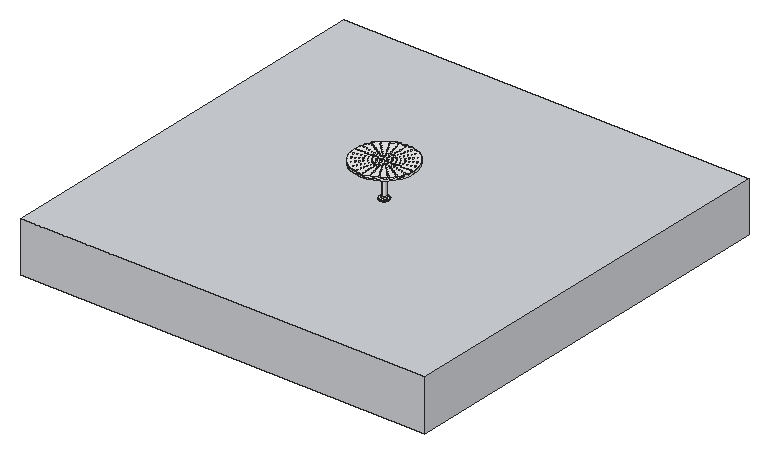
Revit family (continued)
Definition of nested family "13691_Base"
  Automatic sketch dimensions
    curve 248 to curve 249 = 0' - 0.46704"
    curve 79 to curve 81 = 0' - 0.46704"
    curve 268 to curve 268 = 0' - 0.03371"
    curve 100 to curve 100 = 0' - 0.03371"
    curve 248 to curve 247 = 0' - 0.04146"
    curve 80 to curve 79 = 0' - 0.04146"
    curve 39 to curve 41 = 0' - 0.63799"
    curve 223 to curve 225 = 0' - 0.63799"
    curve 40 to curve 39 = 0' - 0.05664"
    curve 223 to curve 223 = 0' - 0.05664"
    curve 56 to curve 57 = 0' - 0.6605"
    curve 269 to curve 268 = 0' - 0.33034"
    curve 102 to curve 100 = 0' - 0.33034"
    curve 56 to curve 55 = 0' - 0.05864"
    curve 102 to curve 101 = 0' - 0.03371"
    curve 269 to curve 269 = 0' - 0.03371"
    curve 78 to curve 79 = 0' - 0.46704"
    curve 246 to curve 247 = 0' - 0.46704"
    curve 78 to curve 77 = 0' - 0.04146"
    curve 233 to curve 232 = 0' - 0.57219"
    curve 66 to curve 64 = 0' - 0.57219"
    curve 65 to curve 66 = 0' - 0.05069"
    curve 233 to curve 233 = 0' - 0.05069"
    curve 38 to curve 39 = 0' - 0.63799"
    curve 221 to curve 223 = 0' - 0.63799"
    curve 38 to curve 37 = 0' - 0.05664"
    curve 222 to curve 221 = 0' - 0.05664"
    curve 76 to curve 77 = 0' - 0.46704"
    curve 54 to curve 55 = 0' - 0.6605"
    curve 243 to curve 243 = 0' - 0.04146"
    curve 76 to curve 75 = 0' - 0.04146"
    curve 54 to curve 53 = 0' - 0.05864"
    curve 67 to curve 65 = 0' - 0.57219"
    curve 235 to curve 234 = 0' - 0.57219"
    curve 236 to curve 235 = 0' - 0.05069"
    curve 67 to curve 67 = 0' - 0.05069"
    curve 74 to curve 75 = 0' - 0.46704"
    curve 241 to curve 243 = 0' - 0.46704"
    curve 220 to curve 221 = 0' - 0.63799"
    curve 35 to curve 37 = 0' - 0.63799"
    curve 35 to curve 35 = 0' - 0.05664"
    curve 220 to curve 219 = 0' - 0.05664"
    curve 52 to curve 53 = 0' - 0.6605"
    curve 70 to curve 67 = 0' - 0.57219"
    curve 237 to curve 235 = 0' - 0.57219"
    curve 51 to curve 51 = 0' - 0.05864"
    curve 237 to curve 238 = 0' - 0.05069"
    curve 70 to curve 70 = 0' - 0.05069"
    curve 217 to curve 219 = 0' - 0.63799"
    curve 33 to curve 35 = 0' - 0.63799"
    curve 218 to curve 218 = 0' - 0.05664"
    curve 34 to curve 33 = 0' - 0.05664"
    curve 71 to curve 69 = 0' - 0.57219"
    curve 239 to curve 238 = 0' - 0.57219"
    curve 50 to curve 51 = 0' - 0.6605"
    curve 72 to curve 71 = 0' - 0.05069"
    curve 240 to curve 239 = 0' - 0.05069"
    curve 50 to curve 49 = 0' - 0.05864"
    curve 31 to curve 33 = 0' - 0.63799"
    curve 215 to curve 217 = 0' - 0.63799"
    curve 216 to curve 215 = 0' - 0.05664"
    curve 32 to curve 31 = 0' - 0.05664"
    curve 48 to curve 49 = 0' - 0.6605"
    curve 47 to curve 47 = 0' - 0.05864"
    plane 1 "Center (Front/Back)" to curve 188 = 0' - 0.50851"
    plane 1 "Center (Front/Back)" to curve 339 = 0' - 0.50851"
    plane 1 "Center (Front/Back)" to curve 214 = 0' - 0.58873"
    plane 1 "Center (Front/Back)" to curve 366 = 0' - 0.58873"
    curve 366 to curve 366 = 0' - 0.01518"
    curve 214 to curve 213 = 0' - 0.01518"
    curve 29 to curve 144 = 0' - 0.28066"
    curve 340 to curve 342 = 0' - 0.15702"
    curve 188 to curve 189 = 0' - 0.15702"
    curve 143 to curve 143 = 0' - 0.05864"
    curve 189 to curve 190 = 0' - 0.03371"
    curve 341 to curve 342 = 0' - 0.03371"
    curve 214 to curve 212 = 0' - 0.17095"
    curve 366 to curve 363 = 0' - 0.17095"
    curve 212 to curve 211 = 0' - 0.01518"
    curve 364 to curve 364 = 0' - 0.01518"
    curve 211 to curve 210 = 0' - 0.17095"
    curve 363 to curve 362 = 0' - 0.17095"
    curve 361 to curve 362 = 0' - 0.01518"
    curve 210 to curve 209 = 0' - 0.01518"
    curve 342 to curve 337 = 0' - 0.31003"
    curve 190 to curve 185 = 0' - 0.31003"
    curve 214 to curve 192 = 0' - 0.54861"
    curve 366 to curve 343 = 0' - 0.54861"
    curve 191 to curve 191 = 0' - 0.03371"
    curve 343 to curve 344 = 0' - 0.03371"
    curve 361 to curve 360 = 0' - 0.17095"
    curve 209 to curve 208 = 0' - 0.17095"
    curve 208 to curve 207 = 0' - 0.01518"
    curve 359 to curve 360 = 0' - 0.01518"
    curve 337 to curve 312 = 0' - 0.23789"
    curve 185 to curve 160 = 0' - 0.23789"
    curve 312 to curve 311 = 0' - 0.05069"
    curve 159 to curve 160 = 0' - 0.05069"
    curve 207 to curve 206 = 0' - 0.17095"
    curve 359 to curve 357 = 0' - 0.17095"
    curve 357 to curve 358 = 0' - 0.01518"
    curve 205 to curve 206 = 0' - 0.01518"
    curve 143 to curve 146 = 0' - 0.6605"
    curve 343 to curve 345 = 0' - 0.33034"
    curve 191 to curve 193 = 0' - 0.33034"
    curve 145 to curve 146 = 0' - 0.05864"
    curve 345 to curve 346 = 0' - 0.03371"
    curve 194 to curve 194 = 0' - 0.03371"
    curve 205 to curve 203 = 0' - 0.17095"
    curve 357 to curve 356 = 0' - 0.17095"
    curve 192 to curve 183 = 0' - 0.47111"
    curve 344 to curve 336 = 0' - 0.47111"
    curve 355 to curve 356 = 0' - 0.01518"
    curve 203 to curve 203 = 0' - 0.01518"
    curve 346 to curve 348 = 0' - 0.33034"
    curve 194 to curve 195 = 0' - 0.33034"
    curve 347 to curve 347 = 0' - 0.03371"
    curve 195 to curve 195 = 0' - 0.03371"
    curve 184 to curve 162 = 0' - 0.36149"
    curve 336 to curve 313 = 0' - 0.36149"
    curve 314 to curve 313 = 0' - 0.05069"
    curve 162 to curve 162 = 0' - 0.05069"
    curve 335 to curve 334 = 0' - 0.46704"
    curve 313 to curve 310 = 0' - 0.22725"
    curve 161 to curve 141 = 0' - 0.22725"
    curve 333 to curve 334 = 0' - 0.04146"
    curve 309 to curve 309 = 0' - 0.05664"
    curve 142 to curve 142 = 0' - 0.05664"
    curve 310 to curve 157 = 0' - 0.07751"
    curve 348 to curve 349 = 0' - 0.33034"
    curve 196 to curve 197 = 0' - 0.33034"
    curve 157 to curve 157 = 0' - 0.05864"
    curve 349 to curve 350 = 0' - 0.03371"
    curve 197 to curve 198 = 0' - 0.03371"
    curve 162 to curve 163 = 0' - 0.57219"
    curve 314 to curve 316 = 0' - 0.57219"
    curve 198 to curve 199 = 0' - 0.33034"
    curve 350 to curve 351 = 0' - 0.33034"
    curve 163 to curve 163 = 0' - 0.05069"
    curve 315 to curve 316 = 0' - 0.05069"
    curve 333 to curve 332 = 0' - 0.46704"
    curve 181 to curve 179 = 0' - 0.46704"
    curve 352 to curve 351 = 0' - 0.03371"
    curve 200 to curve 200 = 0' - 0.03371"
    curve 331 to curve 332 = 0' - 0.04146"
    curve 309 to curve 307 = 0' - 0.63799"
    curve 142 to curve 139 = 0' - 0.63799"
    curve 307 to curve 308 = 0' - 0.05664"
    curve 139 to curve 140 = 0' - 0.05664"
    curve 157 to curve 156 = 0' - 0.6605"
    curve 352 to curve 354 = 0' - 0.33034"
    curve 200 to curve 201 = 0' - 0.33034"
    curve 155 to curve 155 = 0' - 0.05864"
    curve 353 to curve 354 = 0' - 0.03371"
    curve 201 to curve 202 = 0' - 0.03371"
    curve 179 to curve 177 = 0' - 0.46704"
    curve 331 to curve 330 = 0' - 0.46704"
    curve 329 to curve 330 = 0' - 0.04146"
    curve 316 to curve 317 = 0' - 0.57219"
    curve 163 to curve 166 = 0' - 0.57219"
    curve 165 to curve 166 = 0' - 0.05069"
    curve 317 to curve 318 = 0' - 0.05069"
    curve 307 to curve 305 = 0' - 0.63799"
    curve 139 to curve 138 = 0' - 0.63799"
    curve 137 to curve 137 = 0' - 0.05664"
    curve 305 to curve 305 = 0' - 0.05664"
    curve 329 to curve 328 = 0' - 0.46704"
    curve 155 to curve 154 = 0' - 0.6605"
    curve 175 to curve 175 = 0' - 0.04146"
    curve 153 to curve 154 = 0' - 0.05864"
    curve 166 to curve 168 = 0' - 0.57219"
    curve 318 to curve 320 = 0' - 0.57219"
    curve 167 to curve 168 = 0' - 0.05069"
    curve 319 to curve 319 = 0' - 0.05069"
    curve 175 to curve 173 = 0' - 0.46704"
    curve 327 to curve 326 = 0' - 0.46704"
    curve 325 to curve 325 = 0' - 0.04146"
    curve 138 to curve 135 = 0' - 0.63799"
    curve 305 to curve 304 = 0' - 0.63799"
    curve 135 to curve 135 = 0' - 0.05664"
    curve 303 to curve 303 = 0' - 0.05664"
    curve 153 to curve 152 = 0' - 0.6605"
    curve 167 to curve 169 = 0' - 0.57219"
    curve 319 to curve 322 = 0' - 0.57219"
    curve 151 to curve 151 = 0' - 0.05864"
    curve 170 to curve 170 = 0' - 0.05069"
    curve 322 to curve 322 = 0' - 0.05069"
    curve 303 to curve 302 = 0' - 0.63799"
    curve 136 to curve 133 = 0' - 0.63799"
    curve 133 to curve 133 = 0' - 0.05664"
    curve 301 to curve 302 = 0' - 0.05664"
    curve 322 to curve 324 = 0' - 0.57219"
    curve 170 to curve 172 = 0' - 0.57219"
    curve 151 to curve 150 = 0' - 0.6605"
    curve 171 to curve 172 = 0' - 0.05069"
    curve 324 to curve 324 = 0' - 0.05069"
    curve 149 to curve 150 = 0' - 0.05864"
    curve 133 to curve 131 = 0' - 0.63799"
    curve 301 to curve 299 = 0' - 0.63799"
    curve 299 to curve 299 = 0' - 0.05664"
    curve 131 to curve 131 = 0' - 0.05664"
    curve 149 to curve 147 = 0' - 0.6605"
    curve 147 to curve 147 = 0' - 0.05864"
Definition of nested family "Arm_Base"
  Parameters (values of type "Arm_Base")
    Finish = none
  Reference planes (in)
    plane 1 "Center (Front/Back)": y = 0
    plane 2 "Back": z = 0
    plane 3 "Center (Left/Right)": x = 0
    plane 4 "Left": x = -1.11966
    plane 5 "Right": x = 1.11966
    plane 6 "Top": y = 1.11875
    plane 7 "Bottom": y = -1.11875
    plane 8 "Front": z = 5.50422
  Forms (in)
    Revolve 1, solid, material <- "Finish", detail levels fine
      sketch origin (0, 0, 0) x (0, 1, 0) y (0, 0, 1)
        loop
          line (0, 0) -> (1.08268, 0)
          arc (1.08268, 0) -> (1.10633, 0.01275) -> (1.11875, 0.03656) r 0.04577
          line (1.11875, 0.03656) -> (1.11981, 0.12736)
          arc (1.11981, 0.12736) -> (1.11198, 0.15194) -> (1.09104, 0.16701) r 0.04105
          line (1.09104, 0.16701) -> (0.67241, 0.28771)
          arc (0.67241, 0.28771) -> (0.62937, 0.31842) -> (0.6105, 0.36782) r 0.09154
          line (0.6105, 0.36782) -> (0.60966, 0.63286)
          arc (0.60966, 0.63286) -> (0.59288, 0.67277) -> (0.55272, 0.68897) r 0.05629
          line (0.55272, 0.68897) -> (0.40625, 0.68897) -> (0.40625, 5.50422) -> (0, 5.50422) -> (0, 0)
        axis (0, 5.50422) -> (0, 0)
      angle from 0 to 360
    Extrusion 2, void
      sketch origin (0, 0, 0) x (1, 0, 0) y (0, 1, 0)
        loop
          circle (0, 0) r 0.5
      from 0 to 0.16701
  Cuts and joins
    Extrusion 2 cuts Revolve 1
  Lines and regions (in)
    Masking region 1, detail levels medium+fine
      outline origin (0, 0, 0) x (0, 1, 0) y (0, 0, 1)
        loop
          arc (1.08268, 0) -> (1.10612, 0.01295) -> (1.11875, 0.03656) r 0.0472
          line (1.11875, 0.03656) -> (1.11875, 0.13327)
          arc (1.11875, 0.13327) -> (1.11093, 0.1551) -> (1.09104, 0.16701) r 0.03439
          line (1.09104, 0.16701) -> (0.67241, 0.28771)
          arc (0.67241, 0.28771) -> (0.62836, 0.31764) -> (0.6105, 0.36782) r 0.08568
          line (0.6105, 0.36782) -> (0.60968, 0.6326)
          arc (0.60968, 0.6326) -> (0.59291, 0.67262) -> (0.55272, 0.68897) r 0.05654
          line (0.55272, 0.68897) -> (0.40625, 0.68897) -> (0.40625, 5.50422) -> (-0.40625, 5.50422) -> (-0.40625, 0.68897) -> (-0.55272, 0.68897)
          arc (-0.55272, 0.68897) -> (-0.59291, 0.67262) -> (-0.60968, 0.6326) r 0.05654
          line (-0.60968, 0.6326) -> (-0.6105, 0.36782)
          arc (-0.6105, 0.36782) -> (-0.62836, 0.31764) -> (-0.67241, 0.28771) r 0.08568
          line (-0.67241, 0.28771) -> (-1.09104, 0.16701)
          arc (-1.09104, 0.16701) -> (-1.11093, 0.1551) -> (-1.11875, 0.13327) r 0.03439
          line (-1.11875, 0.13327) -> (-1.11875, 0.03656)
          arc (-1.11875, 0.03656) -> (-1.10612, 0.01295) -> (-1.08268, 0) r 0.0472
          line (-1.08268, 0) -> (1.08268, 0)
    Masking region 2, detail levels medium+fine
      outline origin (0, 0, 0) x (1, 0, 0) y (0, 0, 1)
        loop
          arc (-1.11966, 0.03656) -> (-1.10653, 0.01313) -> (-1.0831, 0) r 0.04956
          line (-1.0831, 0) -> (1.0831, 0)
          arc (1.0831, 0) -> (1.10653, 0.01313) -> (1.11966, 0.03656) r 0.04956
          line (1.11966, 0.03656) -> (1.11966, 0.12906)
          arc (1.11966, 0.12906) -> (1.11206, 0.15234) -> (1.09227, 0.16676) r 0.0398
          line (1.09227, 0.16676) -> (0.67241, 0.28771)
          arc (0.67241, 0.28771) -> (0.62835, 0.31764) -> (0.6105, 0.36782) r 0.08566
          line (0.6105, 0.36782) -> (0.60964, 0.63275)
          arc (0.60964, 0.63275) -> (0.59287, 0.6727) -> (0.55272, 0.68897) r 0.0564
          line (0.55272, 0.68897) -> (0.40642, 0.68897) -> (0.40642, 5.50422) -> (-0.40642, 5.50422) -> (-0.40642, 0.68897) -> (-0.55272, 0.68897)
          arc (-0.55272, 0.68897) -> (-0.59287, 0.6727) -> (-0.60964, 0.63275) r 0.0564
          line (-0.60964, 0.63275) -> (-0.6105, 0.36782)
          arc (-0.6105, 0.36782) -> (-0.62835, 0.31764) -> (-0.67241, 0.28771) r 0.08566
          line (-0.67241, 0.28771) -> (-1.09227, 0.16676)
          arc (-1.09227, 0.16676) -> (-1.11206, 0.15234) -> (-1.11966, 0.12906) r 0.0398
          line (-1.11966, 0.12906) -> (-1.11966, 0.03656)
    symbolic lines, style "Masking Lines", detail levels fine
      curve 1: line (0, 0.40625, 0.68897) -> (0, -0.40625, 0.68897)
      curve 2: line (0, 0.6105, 0.36782) -> (0, -0.6105, 0.36782)
      curve 3: line (0, 1.09104, 0.16701) -> (0, -1.09104, 0.16701)
      curve 4: line (0, 1.11875, 0.03656) -> (0, -1.11875, 0.03656)
      curve 5: line (-0.40642, 0, 0.68897) -> (0.40642, 0, 0.68897)
      curve 6: line (-0.6105, 0, 0.36782) -> (0.6105, 0, 0.36782)
      curve 7: line (-1.09227, 0, 0.16676) -> (1.09227, 0, 0.16676)
      curve 8: line (-1.11966, 0, 0.03656) -> (1.11966, 0, 0.03656)
  Dimensions and locks (in)
    equal spacing: plane 4 "Left", plane 3 "Center (Left/Right)", plane 5 "Right"
    equal spacing: plane 6 "Top", plane 1 "Center (Front/Back)", plane 7 "Bottom"
    plane 4 "Left" to plane 5 "Right" = 0' - 2.23932"
    plane 6 "Top" to plane 7 "Bottom" = 0' - 2.2375"
    plane 8 "Front" to plane 2 "Back" = 0' - 5.50422"
    aligned and locked: plane 2 "Back" to level
  Automatic sketch dimensions
    Revolve 1 sketch curve to level = 0' - 0"
    Revolve 1 sketch curve to plane 1 "Center (Front/Back)" = 0' - 0"  (x2)
    Revolve 1 sketch curve to plane 1 "Center (Front/Back)" = 0' - 0 13/32"
    Revolve 1 sketch curve to Revolve 1 sketch curve = 0' - 0.14647"
    Revolve 1 sketch curve to Revolve 1 sketch curve = 0' - 0.00065"
    Revolve 1 sketch curve to Revolve 1 sketch curve = 0' - 0.05629"
    Revolve 1 sketch curve to Revolve 1 sketch curve = 0' - 0.00084"
    Revolve 1 sketch curve to Revolve 1 sketch curve = 0' - 0.06192"
    Revolve 1 sketch curve to Revolve 1 sketch curve = 0' - 0.0913"
    level to Revolve 1 sketch curve = 0' - 0.04489"
    Revolve 1 sketch curve to Revolve 1 sketch curve = 0' - 0.40133"
    Revolve 1 sketch curve to Revolve 1 sketch curve = 0' - 0.00501"
    Revolve 1 sketch curve to Revolve 1 sketch curve = 0' - 0.00894"
    level to Revolve 1 sketch curve = 0' - 0.16701"
    Revolve 1 sketch curve to Revolve 1 sketch curve = 0' - 0.01228"
    level to Revolve 1 sketch curve = 0' - 0.03656"
    Revolve 1 sketch curve to Revolve 1 sketch curve = 0' - 0.04105"
    Revolve 1 sketch curve to level = 2' - 0"
    Revolve 1 sketch curve to Revolve 1 sketch curve = 0' - 0.03965"
    level to Revolve 1 sketch curve = 0' - 0.28771"
    Revolve 1 sketch curve to Revolve 1 sketch curve = 0' - 0.08011"
    Revolve 1 sketch curve to Revolve 1 sketch curve = 0' - 0.26486"
    Revolve 1 sketch curve to Revolve 1 sketch curve = 0' - 0.00018"
    Revolve 1 sketch curve to plane 8 "Front" = 0' - 0"
    plane 8 "Front" to Revolve 1 sketch curve = 7' - 2.27586"
    Masking region 1 sketch curve to plane 7 "Bottom" = 0' - 0"
    Masking region 1 sketch curve to level = 0' - 0"
    Masking region 1 sketch curve to plane 8 "Front" = 0' - 0"
    Masking region 1 sketch curve to plane 6 "Top" = 0' - 0"
    plane 7 "Bottom" to Masking region 1 sketch curve = 0' - 0.02771"
    Masking region 1 sketch curve to Masking region 1 sketch curve = 0' - 0.00667"
    plane 7 "Bottom" to Masking region 1 sketch curve = 0' - 0.03607"
    plane 7 "Bottom" to Masking region 1 sketch curve = 0' - 0.04622"
    plane 7 "Bottom" to Masking region 1 sketch curve = 0' - 0.4226"
    Masking region 1 sketch curve to Masking region 1 sketch curve = 0' - 0.02374"
    Masking region 1 sketch curve to Masking region 1 sketch curve = 0' - 0.08566"  (x2)
    Masking region 1 sketch curve to Masking region 1 sketch curve = 0' - 0.00081"  (x2)
    Masking region 1 sketch curve to Masking region 1 sketch curve = 0' - 0.05654"  (x2)
    Masking region 1 sketch curve to Masking region 1 sketch curve = 0' - 0.00043"  (x2)
    plane 1 "Center (Front/Back)" to Masking region 1 sketch curve = 0' - 0 13/32"
    Masking region 1 sketch curve to plane 1 "Center (Front/Back)" = 0' - 0 13/32"
    Masking region 1 sketch curve to Masking region 1 sketch curve = 0' - 0.14647"
    level to Masking region 1 sketch curve = 0' - 0.28771"  (x2)
    Masking region 1 sketch curve to Masking region 1 sketch curve = 0' - 0.06192"
    Masking region 1 sketch curve to plane 6 "Top" = 0' - 0.04622"
    Masking region 1 sketch curve to plane 6 "Top" = 0' - 0.03607"
    Masking region 1 sketch curve to plane 6 "Top" = 0' - 0.03439"
    Masking region 1 sketch curve to plane 6 "Top" = 0' - 0.02771"
    level to Masking region 1 sketch curve = 0' - 0.03656"  (x2)
    Masking region 1 sketch curve to Masking region 1 sketch curve = 0' - 0.09671"  (x2)
    Masking region 1 sketch curve to Masking region 1 sketch curve = 0' - 0.08011"  (x2)
    Masking region 1 sketch curve to Masking region 1 sketch curve = 0' - 0.26461"  (x2)
    Masking region 1 sketch curve to Masking region 1 sketch curve = 0' - 0.00017"  (x2)
    curve 4 to plane 7 "Bottom" = 0' - 0"
    curve 4 to plane 6 "Top" = 0' - 0"
    plane 7 "Bottom" to curve 3 = 0' - 0.02771"
    plane 7 "Bottom" to curve 2 = 0' - 0.50825"
    curve 2 to curve 1 = 0' - 0.20425"
    curve 1 to plane 1 "Center (Front/Back)" = 0' - 0 13/32"
    curve 1 to curve 2 = 0' - 0.20425"
    curve 3 to plane 6 "Top" = 0' - 0.02771"
    level to curve 4 = 0' - 0.03656"
    curve 4 to curve 3 = 0' - 0.13045"
    level to curve 2 = 0' - 0.36782"
    curve 2 to curve 1 = 0' - 0.32115"
    Masking region 2 sketch curve to plane 4 "Left" = 0' - 0"
    Masking region 2 sketch curve to level = 0' - 0"
    Masking region 2 sketch curve to plane 8 "Front" = 0' - 0"
    plane 5 "Right" to Masking region 2 sketch curve = 0' - 0"
    plane 4 "Left" to Masking region 2 sketch curve = 0' - 0.02739"
    plane 4 "Left" to Masking region 2 sketch curve = 0' - 0.03656"
    plane 4 "Left" to Masking region 2 sketch curve = 0' - 0.0398"
    plane 4 "Left" to Masking region 2 sketch curve = 0' - 0.04818"
    plane 4 "Left" to Masking region 2 sketch curve = 0' - 0.42354"
    level to Masking region 2 sketch curve = 0' - 0.28771"  (x2)
    Masking region 2 sketch curve to Masking region 2 sketch curve = 0' - 0.02371"
    Masking region 2 sketch curve to Masking region 2 sketch curve = 0' - 0.08563"  (x2)
    Masking region 2 sketch curve to Masking region 2 sketch curve = 0' - 0.00086"  (x2)
    Masking region 2 sketch curve to Masking region 2 sketch curve = 0' - 0.0564"  (x2)
    Masking region 2 sketch curve to Masking region 2 sketch curve = 0' - 0.00052"  (x2)
    Masking region 2 sketch curve to plane 3 "Center (Left/Right)" = 0' - 0.40642"
    plane 3 "Center (Left/Right)" to Masking region 2 sketch curve = 0' - 0.40642"
    Masking region 2 sketch curve to Masking region 2 sketch curve = 0' - 0.1463"
    Masking region 2 sketch curve to Masking region 2 sketch curve = 0' - 0.06192"
    plane 5 "Right" to Masking region 2 sketch curve = 0' - 0.04818"
    plane 5 "Right" to Masking region 2 sketch curve = 0' - 0.0398"
    plane 5 "Right" to Masking region 2 sketch curve = 0' - 0.03656"
    plane 5 "Right" to Masking region 2 sketch curve = 0' - 0.02739"
    level to Masking region 2 sketch curve = 0' - 0.03656"  (x2)
    Masking region 2 sketch curve to Masking region 2 sketch curve = 0' - 0.08077"  (x2)
    Masking region 2 sketch curve to Masking region 2 sketch curve = 0' - 0.00012"  (x2)
    Masking region 2 sketch curve to Masking region 2 sketch curve = 0' - 0.08011"  (x2)
    Masking region 2 sketch curve to Masking region 2 sketch curve = 0' - 0.26475"  (x2)
    Masking region 2 sketch curve to Masking region 2 sketch curve = 0' - 0.00018"  (x2)
    curve 8 to plane 4 "Left" = 0' - 0"
    plane 5 "Right" to curve 8 = 0' - 0"
    plane 4 "Left" to curve 7 = 0' - 0.02739"
    plane 4 "Left" to curve 6 = 0' - 0.50916"
    curve 6 to curve 5 = 0' - 0.20407"
    plane 3 "Center (Left/Right)" to curve 5 = 0' - 0.40642"
    curve 5 to curve 6 = 0' - 0.20407"
    plane 5 "Right" to curve 7 = 0' - 0.02739"
    level to curve 8 = 0' - 0.03656"
    curve 8 to curve 7 = 0' - 0.1302"
    level to curve 6 = 0' - 0.36782"
    curve 6 to curve 5 = 0' - 0.32115"
    plane 1 "Center (Front/Back)" to Extrusion 2 sketch curve = 0' - 0"
    Extrusion 2 sketch curve to plane 3 "Center (Left/Right)" = 0' - 0"
    radius of Extrusion 2 sketch curve = 0' - 0 1/2"
Types (7): name | Width | Height | Finish
  (no name) | 1' - 2" | 1' - 2" | Metal-Kohler-CP-Polished Chrome
  Metal-BGD-Vibrant_Moderne_Brushed_Gold | 1' - 2" | 1' - 2" | Metal-Kohler-BGD-Vibrant Moderne Brushed Gold
  Metal-BN-Vibrant_Brushed_Nickel | 0' - 8" | 0' - 8" | Metal-Kohler-BN-Vibrant Brushed Nickel
  Metal-BV-Vibrant_Brushed_Bronze | 0' - 8" | 0' - 8" | Metal-Kohler-BV-Vibrant Brushed Bronze
  Metal-CP-Polished_Chrome | 1' - 2" | 1' - 2" | Metal-Kohler-CP-Polished Chrome
  Metal-PGD-Vibrant_Moderne_Polished_Gold | 0' - 8" | 0' - 8" | Metal-Kohler-PGD-Vibrant Moderne Polished Gold
  Metal-SN-Vibrant_Polished_Nickel | 1' - 0" | 1' - 0" | Metal-Kohler-SN-Vibrant Polished Nickel
